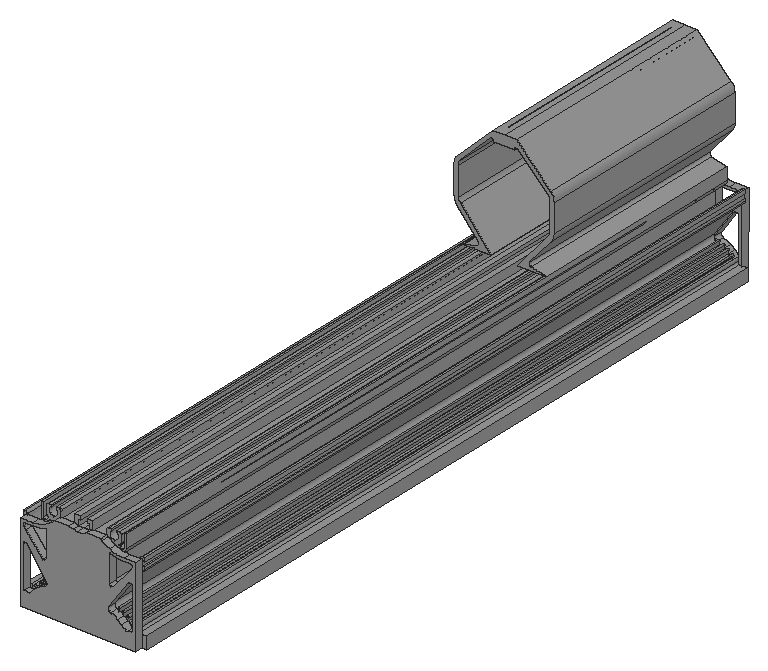
Revit family "L-street 24 Standart", category Осветительные приборы, Revit 2017 (continued)
Types (7, lengths in mm): name | built-in parameter 1150134 | Файл фотометрической сетки | built-in parameter 1150105 | Lumens | built-in parameter 1150106 | built-in parameter 1150142 | Wattage | built-in parameter 1150107 | Артикул
    0.00 0.00 0.00 0.00 0.00 0.00 0.00\r\n1229.747 1241.598 1237.016 1234.724 1231.574 1229.855 1227.851 1224.127 1218.113 1212.385 1205.797 1196.345 1182.311 1167.418 \r\n1155.102 1147.369 1145.364 1148.515 1154.816 1161.403 1164.553 1159.971 1138.49 1083.212 961.773 750.974 469.43 221.97 92.511 \r\n59.288 48.118 41.53 36.088 30.646 23.199 17.185 16.039 0.00 0.00 0.00 0.00 0.00 0.00 0.00 0.00 0.00 0.00 0.00 0.00 0.00 0.00 0.00 \r\n0.00 0.00 0.00 0.00 0.00 0.00 0.00 0.00 0.00 0.00 0.00 0.00 0.00 0.00 0.00 0.00 0.00 0.00 0.00 0.00 0.00\r\n1229.747 1245.894 1243.03 1242.457 1241.312 1242.457 1243.03 1241.312 1237.875 1235.011 1230.428 1223.554 1212.098 1198.923 \r\n1188.039 1182.884 1183.456 1189.758 1199.496 1212.098 1223.554 1232.147 1230.428 1198.923 1089.513 863.247 544.184 250.325 91.652 \r\n60.147 49.836 42.962 37.234 31.505 24.631 17.758 16.039 0.00 0.00 0.00 0.00 0.00 0.00 0.00 0.00 0.00 0.00 0.00 0.00 0.00 0.00 0.00 \r\n0.00 0.00 0.00 0.00 0.00 0.00 0.00 0.00 0.00 0.00 0.00 0.00 0.00 0.00 0.00 0.00 0.00 0.00 0.00 0.00 0.00\r\n1229.747 1249.331 1249.045 1250.19 1251.336 1254.773 1258.21 1259.069 1258.783 1258.21 1255.919 1251.049 1241.885 1231.86 1222.981 \r\n1218.685 1219.258 1224.986 1234.438 1244.176 1253.627 1263.079 1269.953 1253.914 1167.99 960.913 634.976 295.291 96.234 62.438 \r\n52.413 45.253 39.238 32.651 24.918 17.758 16.039 0.00 0.00 0.00 0.00 0.00 0.00 0.00 0.00 0.00 0.00 0.00 0.00 0.00 0.00 0.00 0.00 \r\n0.00 0.00 0.00 0.00 0.00 0.00 0.00 0.00 0.00 0.00 0.00 0.00 0.00 0.00 0.00 0.00 0.00 0.00 0.00 0.00\r\n1229.747 1252.768 1255.06 1257.924 1261.361 1267.089 1273.39 1276.827 1279.691 1281.41 1281.41 1278.545 1271.672 1264.798 1257.924 \r\n1254.487 1255.06 1260.215 1269.38 1276.254 1283.701 1294.012 1309.478 1308.905 1246.467 1058.581 725.769 340.258 100.817 64.729 \r\n54.991 47.544 41.243 33.797 25.204 17.758 16.039 0.00 0.00 0.00 0.00 0.00 0.00 0.00 0.00 0.00 0.00 0.00 0.00 0.00 0.00 0.00 0.00 \r\n0.00 0.00 0.00 0.00 0.00 0.00 0.00 0.00 0.00 0.00 0.00 0.00 0.00 0.00 0.00 0.00 0.00 0.00 0.00 0.00\r\n1229.747 1257.637 1261.361 1266.516 1272.531 1280.264 1289.142 1295.444 1300.885 1304.609 1306.90 1305.754 1300.599 1296.017 \r\n1291.147 1288.57 1288.856 1292.007 1298.594 1302.604 1304.895 1308.905 1318.643 1318.929 1268.807 1102.402 785.916 389.807 112.56 \r\n67.593 57.282 49.549 43.248 35.229 26.064 18.044 16.326 0.00 0.00 0.00 0.00 0.00 0.00 0.00 0.00 0.00 0.00 0.00 0.00 0.00 0.00 0.00 \r\n0.00 0.00 0.00 0.00 0.00 0.00 0.00 0.00 0.00 0.00 0.00 0.00 0.00 0.00 0.00 0.00 0.00 0.00 0.00 0.00 0.00\r\n1229.747 1262.506 1267.662 1275.108 1283.701 1293.439 1304.895 1314.061 1322.08 1327.808 1332.391 1332.964 1329.527 1327.236 \r\n1324.371 1322.653 1322.653 1323.799 1327.808 1328.954 1326.09 1323.799 1327.808 1328.954 1291.148 1146.223 846.063 439.357 124.303 \r\n70.457 59.574 51.554 45.253 36.661 26.923 18.33 16.612 0.00 0.00 0.00 0.00 0.00 0.00 0.00 0.00 0.00 0.00 0.00 0.00 0.00 0.00 0.00 \r\n0.00 0.00 0.00 0.00 0.00 0.00 0.00 0.00 0.00 0.00 0.00 0.00 0.00 0.00 0.00 0.00 0.00 0.00 0.00 0.00 0.00\r\n1229.747 1266.229 1273.676 1282.841 1293.439 1305.468 1319.216 1331.245 1341.842 1349.862 1356.736 1359.886 1358.168 1357.022 \r\n1355.017 1353.585 1353.585 1354.445 1355.59 1354.444 1348.43 1340.697 1336.687 1328.668 1284.274 1142.213 854.368 458.546 134.90 \r\n72.175 60.72 53.272 46.113 38.093 28.641 19.19 16.612 0.00 0.00 0.00 0.00 0.00 0.00 0.00 0.00 0.00 0.00 0.00 0.00 0.00 0.00 0.00 \r\n0.00 0.00 0.00 0.00 0.00 0.00 0.00 0.00 0.00 0.00 0.00 0.00 0.00 0.00 0.00 0.00 0.00 0.00 0.00 0.00 0.00\r\n1229.747 1269.953 1279.691 1290.575 1303.177 1317.498 1333.537 1348.43 1361.605 1371.916 1381.081 1386.809 1386.809 1386.809 \r\n1385.664 1384.518 1384.518 1385.091 1383.372 1379.935 1370.77 1357.595 1345.566 1328.381 1277.40 1138.203 862.674 477.736 145.498 \r\n73.894 61.865 54.991 46.972 39.525 30.36 20.049 16.612 0.00 0.00 0.00 0.00 0.00 0.00 0.00 0.00 0.00 0.00 0.00 0.00 0.00 0.00 0.00 \r\n0.00 0.00 0.00 0.00 0.00 0.00 0.00 0.00 0.00 0.00 0.00 0.00 0.00 0.00 0.00 0.00 0.00 0.00 0.00 0.00 0.00\r\n1229.747 1267.948 1272.817 1280.264 1292.007 1306.328 1321.794 1337.26 1352.154 1365.329 1378.217 1388.241 1393.969 1398.552 \r\n1398.839 1397.693 1397.12 1397.12 1394.828 1390.246 1381.654 1371.056 1358.741 1340.697 1303.177 1218.971 1048.268 788.492 505.802 \r\n238.294 92.511 55.278 54.132 54.705 49.836 42.102 34.083 0.00 0.00 0.00 0.00 0.00 0.00 0.00 0.00 0.00 0.00 0.00 0.00 0.00 0.00 0.00\r\n 0.00 0.00 0.00 0.00 0.00 0.00 0.00 0.00 0.00 0.00 0.00 0.00 0.00 0.00 0.00 0.00 0.00 0.00 0.00 0.00 0.00\r\n1229.747 1265.943 1265.943 1269.953 1280.837 1295.157 1310.051 1326.09 1342.702 1358.741 1375.353 1389.673 1401.13 1410.295 \r\n1412.014 1410.868 1409.722 1409.15 1406.285 1400.557 1392.538 1384.518 1371.916 1353.013 1328.954 1299.74 1233.865 1099.251 866.111\r\n 402.696 123.157 55.564 61.292 69.885 69.312 64.156 51.554 0.00 0.00 0.00 0.00 0.00 0.00 0.00 0.00 0.00 0.00 0.00 0.00 0.00 0.00 \r\n0.00 0.00 0.00 0.00 0.00 0.00 0.00 0.00 0.00 0.00 0.00 0.00 0.00 0.00 0.00 0.00 0.00 0.00 0.00 0.00 0.00 0.00\r\n1229.747 1263.652 1265.084 1269.953 1282.269 1297.735 1314.633 1331.818 1349.862 1367.62 1384.518 1399.984 1412.873 1422.897 \r\n1427.193 1426.62 1424.615 1424.043 1420.033 1412.586 1402.276 1391.965 1377.644 1356.736 1330.959 1301.745 1229.569 1082.639 \r\n837.757 342.836 100.244 61.578 67.593 69.599 66.734 61.292 48.404 0.00 0.00 0.00 0.00 0.00 0.00 0.00 0.00 0.00 0.00 0.00 0.00 0.00 \r\n0.00 0.00 0.00 0.00 0.00 0.00 0.00 0.00 0.00 0.00 0.00 0.00 0.00 0.00 0.00 0.00 0.00 0.00 0.00 0.00 0.00 0.00 0.00\r\n1229.747 1261.361 1264.225 1269.953 1283.701 1300.313 1319.216 1337.546 1357.022 1376.499 1393.683 1410.295 1424.616 1435.499 \r\n1442.373 1442.373 1439.509 1438.936 1433.781 1424.616 1412.014 1399.412 1383.372 1360.459 1332.964 1303.75 1225.273 1066.027 \r\n809.402 282.976 77.331 67.593 73.894 69.312 64.156 58.428 45.253 0.00 0.00 0.00 0.00 0.00 0.00 0.00 0.00 0.00 0.00 0.00 0.00 0.00 \r\n0.00 0.00 0.00 0.00 0.00 0.00 0.00 0.00 0.00 0.00 0.00 0.00 0.00 0.00 0.00 0.00 0.00 0.00 0.00 0.00 0.00 0.00 0.00\r\n1229.747 1261.361 1265.657 1274.249 1288.857 1307.473 1328.095 1348.144 1369.052 1390.533 1409.436 1428.339 1444.379 1457.267 \r\n1464.427 1464.714 1462.995 1461.277 1456.408 1448.102 1436.073 1423.184 1408.577 1387.382 1360.173 1333.537 1267.089 1123.31 \r\n889.311 355.725 92.225 66.448 74.754 72.463 67.021 61.292 47.831 0.00 0.00 0.00 0.00 0.00 0.00 0.00 0.00 0.00 0.00 0.00 0.00 0.00 \r\n0.00 0.00 0.00 0.00 0.00 0.00 0.00 0.00 0.00 0.00 0.00 0.00 0.00 0.00 0.00 0.00 0.00 0.00 0.00 0.00 0.00 0.00 0.00\r\n1229.747 1261.361 1267.089 1278.545 1294.012 1314.633 1336.974 1358.741 1381.081 1404.567 1425.189 1446.383 1464.141 1479.034 \r\n1486.481 1487.054 1486.481 1483.617 1479.034 1471.587 1460.131 1446.956 1433.781 1414.305 1387.382 1363.324 1308.905 1180.592 \r\n969.22 428.473 107.118 65.302 75.613 75.613 69.885 64.156 50.409 0.00 0.00 0.00 0.00 0.00 0.00 0.00 0.00 0.00 0.00 0.00 0.00 0.00 \r\n0.00 0.00 0.00 0.00 0.00 0.00 0.00 0.00 0.00 0.00 0.00 0.00 0.00 0.00 0.00 0.00 0.00 0.00 0.00 0.00 0.00 0.00 0.00\r\n1229.747 1261.361 1269.094 1282.269 1300.886 1323.226 1346.998 1370.198 1393.683 1418.029 1439.796 1460.704 1479.035 1495.073 \r\n1503.666 1506.53 1507.962 1507.962 1505.671 1500.515 1491.35 1479.607 1469.583 1457.267 1439.796 1427.767 1389.674 1272.818 \r\n1071.756 507.81 121.153 62.724 73.321 74.754 69.312 63.584 49.836 0.00 0.00 0.00 0.00 0.00 0.00 0.00 0.00 0.00 0.00 0.00 0.00 0.00 \r\n0.00 0.00 0.00 0.00 0.00 0.00 0.00 0.00 0.00 0.00 0.00 0.00 0.00 0.00 0.00 0.00 0.00 0.00 0.00 0.00 0.00 0.00 0.00\r\n1229.747 1261.361 1271.099 1285.992 1307.76 1331.818 1357.022 1381.654 1406.285 1431.49 1454.403 1475.024 1493.928 1511.112 1520.85\r\n 1526.006 1529.443 1532.307 1532.307 1529.443 1522.569 1512.258 1505.384 1500.229 1492.209 1492.209 1470.442 1365.042 1174.291 \r\n587.146 135.187 60.147 71.03 73.894 68.739 63.011 49.263 0.00 0.00 0.00 0.00 0.00 0.00 0.00 0.00 0.00 0.00 0.00 0.00 0.00 0.00 0.00\r\n 0.00 0.00 0.00 0.00 0.00 0.00 0.00 0.00 0.00 0.00 0.00 0.00 0.00 0.00 0.00 0.00 0.00 0.00 0.00 0.00 0.00\r\n1229.747 1261.361 1272.818 1289.143 1311.77 1337.26 1364.469 1390.533 1416.023 1442.087 1466.432 1488.486 1508.249 1526.006 \r\n1538.608 1545.196 1551.21 1556.652 1560.089 1561.235 1562.094 1562.953 1566.677 1572.978 1577.274 1578.134 1553.216 1466.719 \r\n1292.58 765.296 233.141 69.026 61.292 71.603 70.744 65.302 51.841 0.00 0.00 0.00 0.00 0.00 0.00 0.00 0.00 0.00 0.00 0.00 0.00 0.00 \r\n0.00 0.00 0.00 0.00 0.00 0.00 0.00 0.00 0.00 0.00 0.00 0.00 0.00 0.00 0.00 0.00 0.00 0.00 0.00 0.00 0.00 0.00 0.00\r\n1229.747 1261.361 1274.536 1292.293 1315.779 1342.702 1371.916 1399.412 1425.761 1452.684 1478.461 1501.947 1522.569 1540.899 \r\n1556.366 1564.385 1572.977 1580.997 1587.871 1593.026 1601.619 1613.648 1627.969 1645.726 1662.338 1664.057 1635.988 1568.395 \r\n1410.868 943.443 331.093 77.904 51.554 69.312 72.749 67.593 54.418 0.00 0.00 0.00 0.00 0.00 0.00 0.00 0.00 0.00 0.00 0.00 0.00 0.00\r\n 0.00 0.00 0.00 0.00 0.00 0.00 0.00 0.00 0.00 0.00 0.00 0.00 0.00 0.00 0.00 0.00 0.00 0.00 0.00 0.00 0.00 0.00 0.00\r\n1229.747 1261.075 1276.827 1296.017 1320.075 1348.144 1378.217 1406.572 1432.922 1460.131 1486.195 1509.967 1530.589 1550.637 \r\n1567.823 1579.279 1590.162 1602.192 1616.512 1633.124 1655.751 1680.955 1701.004 1712.747 1713.606 1713.32 1720.194 1662.625 \r\n1457.84 989.556 353.433 76.185 50.409 65.588 66.448 60.433 47.83 0.00 0.00 0.00 0.00 0.00 0.00 0.00 0.00 0.00 0.00 0.00 0.00 0.00 \r\n0.00 0.00 0.00 0.00 0.00 0.00 0.00 0.00 0.00 0.00 0.00 0.00 0.00 0.00 0.00 0.00 0.00 0.00 0.00 0.00 0.00 0.00 0.00\r\n1229.747 1260.788 1279.118 1299.74 1324.371 1353.586 1384.518 1413.732 1440.082 1467.578 1493.928 1517.986 1538.608 1560.375 \r\n1579.279 1594.172 1607.347 1623.386 1645.153 1673.222 1709.883 1748.262 1774.039 1779.767 1764.874 1762.583 1804.399 1756.854 \r\n1504.811 1035.668 375.773 74.467 49.263 61.865 60.147 53.273 41.243 0.00 0.00 0.00 0.00 0.00 0.00 0.00 0.00 0.00 0.00 0.00 0.00 \r\n0.00 0.00 0.00 0.00 0.00 0.00 0.00 0.00 0.00 0.00 0.00 0.00 0.00 0.00 0.00 0.00 0.00 0.00 0.00 0.00 0.00 0.00 0.00 0.00\r\n1229.747 1259.643 1279.118 1301.459 1326.949 1356.45 1388.242 1419.174 1447.243 1475.598 1503.953 1529.443 1551.497 1574.123 \r\n1594.745 1612.789 1631.406 1655.178 1687.829 1726.781 1763.156 1791.224 1804.972 1808.695 1817.288 1858.818 1882.59 1747.402 \r\n1382.799 869.261 319.922 77.904 53.846 61.292 58.715 51.841 41.243 0.00 0.00 0.00 0.00 0.00 0.00 0.00 0.00 0.00 0.00 0.00 0.00 0.00\r\n 0.00 0.00 0.00 0.00 0.00 0.00 0.00 0.00 0.00 0.00 0.00 0.00 0.00 0.00 0.00 0.00 0.00 0.00 0.00 0.00 0.00 0.00 0.00\r\n1229.747 1258.497 1279.118 1303.177 1329.527 1359.314 1391.965 1424.616 1454.403 1483.617 1513.977 1540.899 1564.385 1587.871 \r\n1610.211 1631.406 1655.464 1686.97 1730.504 1780.34 1816.428 1834.186 1835.904 1837.623 1869.701 1955.052 1960.78 1737.951 1260.788\r\n 702.856 264.072 81.341 58.428 60.719 57.283 50.409 41.243 0.00 0.00 0.00 0.00 0.00 0.00 0.00 0.00 0.00 0.00 0.00 0.00 0.00 0.00 \r\n0.00 0.00 0.00 0.00 0.00 0.00 0.00 0.00 0.00 0.00 0.00 0.00 0.00 0.00 0.00 0.00 0.00 0.00 0.00 0.00 0.00 0.00\r\n1229.747 1258.211 1281.41 1306.614 1334.683 1365.902 1399.698 1431.776 1461.277 1489.918 1519.992 1547.20 1571.546 1596.75 1622.241\r\n 1649.164 1680.955 1720.767 1764.588 1798.671 1818.147 1829.603 1841.06 1868.842 1920.683 1941.304 1780.627 1385.378 903.918 \r\n493.489 211.373 82.201 57.569 55.278 51.268 45.826 38.093 0.00 0.00 0.00 0.00 0.00 0.00 0.00 0.00 0.00 0.00 0.00 0.00 0.00 0.00 \r\n0.00 0.00 0.00 0.00 0.00 0.00 0.00 0.00 0.00 0.00 0.00 0.00 0.00 0.00 0.00 0.00 0.00 0.00 0.00 0.00 0.00 0.00\r\n1229.747 1257.924 1283.701 1310.051 1339.838 1372.489 1407.431 1438.936 1468.151 1496.219 1526.006 1553.501 1578.706 1605.629 \r\n1634.27 1666.921 1706.446 1754.563 1798.671 1817.001 1819.865 1825.02 1846.215 1900.061 1971.664 1927.556 1600.473 1032.804 547.048\r\n 284.121 158.673 83.06 56.71 49.836 45.253 41.243 34.942 0.00 0.00 0.00 0.00 0.00 0.00 0.00 0.00 0.00 0.00 0.00 0.00 0.00 0.00 0.00\r\n 0.00 0.00 0.00 0.00 0.00 0.00 0.00 0.00 0.00 0.00 0.00 0.00 0.00 0.00 0.00 0.00 0.00 0.00 0.00 0.00 0.00\r\n1229.747 1257.638 1284.56 1312.629 1343.561 1376.785 1411.441 1443.805 1473.593 1501.947 1531.162 1559.23 1585.866 1614.794 \r\n1645.727 1681.242 1723.917 1767.165 1794.661 1799.244 1801.535 1815.282 1844.497 1885.74 1877.148 1643.435 1200.641 755.557 432.483\r\n 248.033 147.503 79.623 53.56 46.399 42.103 38.093 32.651 0.00 0.00 0.00 0.00 0.00 0.00 0.00 0.00 0.00 0.00 0.00 0.00 0.00 0.00 \r\n0.00 0.00 0.00 0.00 0.00 0.00 0.00 0.00 0.00 0.00 0.00 0.00 0.00 0.00 0.00 0.00 0.00 0.00 0.00 0.00 0.00 0.00\r\n1229.747 1257.351 1285.419 1315.206 1347.284 1381.081 1415.451 1448.674 1479.034 1507.675 1536.317 1564.958 1593.026 1623.959 \r\n1657.183 1695.562 1741.388 1779.767 1790.651 1781.486 1783.204 1805.544 1842.778 1871.419 1782.631 1359.314 800.809 478.309 317.918\r\n 211.945 136.332 76.186 50.409 42.962 38.952 34.942 30.36 0.00 0.00 0.00 0.00 0.00 0.00 0.00 0.00 0.00 0.00 0.00 0.00 0.00 0.00 \r\n0.00 0.00 0.00 0.00 0.00 0.00 0.00 0.00 0.00 0.00 0.00 0.00 0.00 0.00 0.00 0.00 0.00 0.00 0.00 0.00 0.00 0.00\r\n1229.747 1257.638 1287.138 1317.784 1350.435 1383.945 1418.602 1451.825 1483.044 1511.399 1539.754 1569.541 1600.473 1634.556 \r\n1668.926 1708.164 1747.117 1770.316 1768.025 1760.292 1766.879 1781.772 1788.933 1742.247 1484.476 1009.032 603.758 398.114 286.413\r\n 198.198 124.017 71.031 49.263 41.53 36.947 33.224 28.928 0.00 0.00 0.00 0.00 0.00 0.00 0.00 0.00 0.00 0.00 0.00 0.00 0.00 0.00 \r\n0.00 0.00 0.00 0.00 0.00 0.00 0.00 0.00 0.00 0.00 0.00 0.00 0.00 0.00 0.00 0.00 0.00 0.00 0.00 0.00 0.00 0.00\r\n1229.747 1257.924 1288.856 1320.362 1353.586 1386.809 1421.752 1454.976 1487.054 1515.122 1543.191 1574.123 1607.92 1645.153 \r\n1680.669 1720.766 1752.845 1760.864 1745.398 1739.097 1750.553 1758.00 1735.087 1613.075 1186.321 658.749 406.706 317.918 254.907 \r\n184.45 111.701 65.875 48.117 40.098 34.942 31.505 27.496 0.00 0.00 0.00 0.00 0.00 0.00 0.00 0.00 0.00 0.00 0.00 0.00 0.00 0.00 0.00\r\n 0.00 0.00 0.00 0.00 0.00 0.00 0.00 0.00 0.00 0.00 0.00 0.00 0.00 0.00 0.00 0.00 0.00 0.00 0.00 0.00 0.00\r\n1229.747 1256.778 1289.429 1322.367 1356.737 1390.246 1425.475 1459.272 1490.491 1518.559 1547.487 1579.565 1614.794 1651.168 \r\n1685.538 1718.475 1740.243 1739.097 1724.776 1719.621 1717.902 1693.271 1613.935 1381.654 921.389 512.392 344.268 284.408 228.844 \r\n168.697 107.978 67.307 48.977 39.525 34.083 30.646 27.21 0.00 0.00 0.00 0.00 0.00 0.00 0.00 0.00 0.00 0.00 0.00 0.00 0.00 0.00 0.00\r\n 0.00 0.00 0.00 0.00 0.00 0.00 0.00 0.00 0.00 0.00 0.00 0.00 0.00 0.00 0.00 0.00 0.00 0.00 0.00 0.00 0.00\r\n1229.747 1255.632 1290.002 1324.371 1359.887 1393.683 1429.198 1463.568 1493.928 1521.996 1551.783 1585.007 1621.668 1657.183 \r\n1690.407 1716.184 1727.64 1717.329 1704.154 1700.145 1685.251 1628.542 1492.782 1150.233 656.457 366.035 281.83 250.897 202.78 \r\n152.944 104.254 68.739 49.836 38.952 33.224 29.787 26.923 0.00 0.00 0.00 0.00 0.00 0.00 0.00 0.00 0.00 0.00 0.00 0.00 0.00 0.00 \r\n0.00 0.00 0.00 0.00 0.00 0.00 0.00 0.00 0.00 0.00 0.00 0.00 0.00 0.00 0.00 0.00 0.00 0.00 0.00 0.00 0.00 0.00\r\n1229.747 1253.628 1289.429 1324.658 1360.746 1394.829 1429.485 1463.568 1494.501 1523.428 1553.788 1588.731 1625.105 1659.474 \r\n1689.548 1707.878 1710.169 1696.994 1686.11 1671.217 1626.537 1528.298 1323.226 933.705 519.266 313.049 257.199 229.703 184.163 \r\n140.056 101.963 71.603 52.414 40.098 32.651 28.928 26.923 0.00 0.00 0.00 0.00 0.00 0.00 0.00 0.00 0.00 0.00 0.00 0.00 0.00 0.00 \r\n0.00 0.00 0.00 0.00 0.00 0.00 0.00 0.00 0.00 0.00 0.00 0.00 0.00 0.00 0.00 0.00 0.00 0.00 0.00 0.00 0.00 0.00\r\n1229.747 1251.623 1288.856 1324.944 1361.605 1395.975 1429.771 1463.568 1495.073 1524.86 1555.793 1592.454 1628.542 1661.765 \r\n1688.688 1699.572 1692.698 1676.659 1668.066 1642.289 1567.822 1428.054 1153.671 717.178 382.075 260.063 232.567 208.508 165.546 \r\n127.167 99.672 74.467 54.991 41.243 32.078 28.068 26.923 0.00 0.00 0.00 0.00 0.00 0.00 0.00 0.00 0.00 0.00 0.00 0.00 0.00 0.00 0.00\r\n 0.00 0.00 0.00 0.00 0.00 0.00 0.00 0.00 0.00 0.00 0.00 0.0
